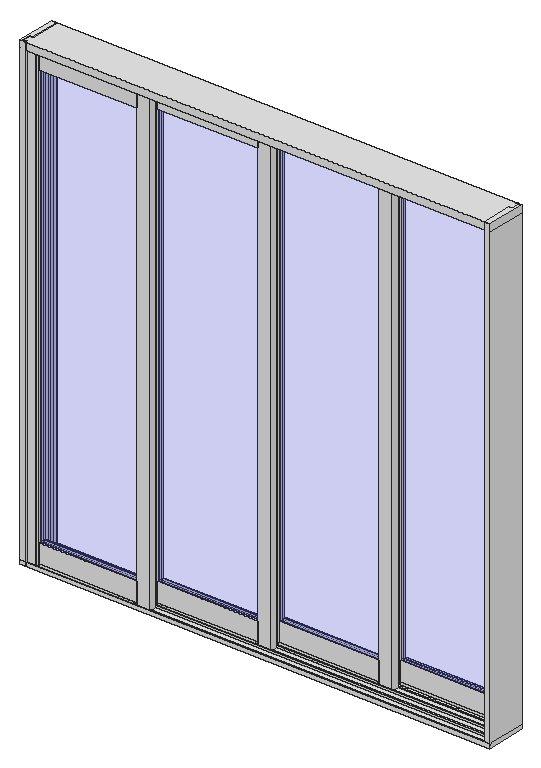
Revit family "Door-Sliding-All_Weather-Series_8100-Single_Parting", category Doors, host Wall, Revit 2026 (continued)
Definition of nested family "Nested-Panel-All_Weather-Series_8100"
  Definition of nested family "Detail-All_Weather-Series_8100_Post_Right"
    Dimensions and locks (in)
      plane 5 "Front" to Masking region 6 sketch curve to Masking region 6 sketch curve to Masking region 6 sketch curve to Masking region 6 sketch curve to Masking region 6 sketch curve to Masking region 6 sketch curve to Masking region 6 sketch curve to Masking region 6 sketch curve to Masking region 6 sketch curve to Masking region 6 sketch curve to Masking region 6 sketch curve to Masking region 6 sketch curve to Masking region 6 sketch curve to Masking region 6 sketch curve to Masking region 6 sketch curve to Masking region 6 sketch curve to Masking region 6 sketch curve to Masking region 6 sketch curve to Masking region 6 sketch curve to Masking region 6 sketch curve to Masking region 6 sketch curve to Masking region 6 sketch curve to Masking region 6 sketch curve to Masking region 6 sketch curve to Masking region 6 sketch curve to Masking region 6 sketch curve to Masking region 6 sketch curve to Masking region 6 sketch curve to Masking region 6 sketch curve to Masking region 6 sketch curve to Masking region 6 sketch curve to Masking region 6 sketch curve to Masking region 6 sketch curve to Masking region 6 sketch curve to Masking region 6 sketch curve to Masking region 6 sketch curve to Masking region 6 sketch curve to Masking region 6 sketch curve to Masking region 6 sketch curve to Masking region 6 sketch curve to Masking region 6 sketch curve to Masking region 6 sketch curve to Masking region 6 sketch curve to Masking region 6 sketch curve to Masking region 6 sketch curve to Masking region 6 sketch curve to Masking region 6 sketch curve to Masking region 6 sketch curve to Masking region 6 sketch curve to Masking region 6 sketch curve to Masking region 6 sketch curve to Masking region 6 sketch curve = 0' - 0.19863" locked, 0' - 0" locked, 0' - 0.02286" locked, 0' - 0" locked, 0' - 0.03029" locked, 0' - 0.0387" locked, 0' - 0.00198" locked, 0' - 0.03646" locked, 0' - 0.05509" locked, 0' - 0.01723" locked, 0' - 0.02601" locked, 0' - 0.00415" locked, 0' - 0.07129" locked, 0' - 0.33521" locked, 0' - 0.07129", 0' - 0.00415", 0' - 0.02601", 0' - 0.01723" locked, 0' - 0.05509", 0' - 0.03646" locked, 0' - 0.00198" locked, 0' - 0.0387", 0' - 0.03029" locked, 0' - 0" locked, 0' - 0.02286" locked, 0' - 0" locked, 0' - 0.08978" locked, 0' - 0" locked, 0' - 0.05126" locked, 0' - 0" locked, 0' - 0.0035" locked, 0' - 0" locked, 0' - 0.01711" locked, 0' - 0" locked, 0' - 0.02155" locked, 0' - 0" locked, 0' - 0.02378" locked, 0' - 0" locked, 0' - 0.01711" locked, 0' - 0" locked, 0' - 0.00354" locked, 0' - 0" locked, 0' - 0.00711" locked, 0' - 0" locked, 0' - 0.00976" locked, 0' - 0" locked, 0' - 0.02545" locked, 0' - 0.01004" locked, 0' - 0" locked, 0' - 0.0507" locked, 0' - 0" locked, 0' - 0.01406" locked
      locked: Masking region 7 sketch curve to plane 6 "Back" at 0.40395
      Masking region 4 sketch curve to plane 5 "Front" to Masking region 4 sketch curve to Masking region 4 sketch curve to Masking region 4 sketch curve to Masking region 4 sketch curve to Masking region 4 sketch curve to Masking region 4 sketch curve to Masking region 4 sketch curve to Masking region 4 sketch curve to Masking region 4 sketch curve to Masking region 4 sketch curve to Masking region 4 sketch curve to Masking region 4 sketch curve to Masking region 4 sketch curve to Masking region 4 sketch curve to Masking region 4 sketch curve to Masking region 4 sketch curve to Masking region 4 sketch curve to Masking region 4 sketch curve to Masking region 4 sketch curve to Masking region 4 sketch curve to Masking region 4 sketch curve to Masking region 4 sketch curve to Masking region 4 sketch curve to Masking region 4 sketch curve to Masking region 4 sketch curve to Masking region 4 sketch curve to Masking region 4 sketch curve to Masking region 4 sketch curve to Masking region 4 sketch curve to Masking region 4 sketch curve to Masking region 4 sketch curve to Masking region 4 sketch curve to Masking region 4 sketch curve to Masking region 4 sketch curve to Masking region 4 sketch curve to Masking region 4 sketch curve to Masking region 4 sketch curve to Masking region 4 sketch curve to Masking region 4 sketch curve to Masking region 4 sketch curve to Masking region 4 sketch curve to Masking region 4 sketch curve to Masking region 4 sketch curve to Masking region 4 sketch curve to Masking region 4 sketch curve to Masking region 4 sketch curve to Masking region 4 sketch curve to Masking region 4 sketch curve to Masking region 4 sketch curve to Masking region 4 sketch curve to Masking region 4 sketch curve to Masking region 4 sketch curve to Masking region 4 sketch curve to Masking region 4 sketch curve to Masking region 4 sketch curve to Masking region 4 sketch curve to Masking region 4 sketch curve to Masking region 4 sketch curve to Masking region 4 sketch curve to Masking region 4 sketch curve to Masking region 4 sketch curve to Masking region 4 sketch curve to Masking region 4 sketch curve to Masking region 4 sketch curve to Masking region 4 sketch curve to Masking region 4 sketch curve to Masking region 4 sketch curve to Masking region 4 sketch curve to Masking region 4 sketch curve to Masking region 4 sketch curve to Masking region 4 sketch curve to Masking region 4 sketch curve to Masking region 4 sketch curve to Masking region 4 sketch curve to Masking region 4 sketch curve to Masking region 4 sketch curve to Masking region 4 sketch curve to Masking region 4 sketch curve to Masking region 4 sketch curve to Masking region 4 sketch curve to Masking region 4 sketch curve to Masking region 4 sketch curve to Masking region 4 sketch curve to Masking region 4 sketch curve = 0' - 0.00008" locked, 0' - 0.0359" locked, 0' - 0.03606" locked, 0' - 0.02743" locked, 0' - 0.05308" locked, 0' - 0", 0' - 0", 0' - 0" locked, 0' - 0" locked, 0' - 0.00188" locked, 0' - 0.012" locked, 0' - 0.02" locked, 0' - 0.00969" locked, 0' - 0" locked, 0' - 0" locked, 0' - 0" locked, 0' - 0.00231" locked, 0' - 0.00072" locked, 0' - 0.09784" locked, 0' - 0.00212" locked, 0' - 0.00415" locked, 0' - 0.02031" locked, 0' - 0.01893" locked, 0' - 0.00682" locked, 0' - 0.07255" locked, 0' - 0.00106" locked, 0' - 0.06668" locked, 0' - 0.01343" locked, 0' - 0.04776" locked, 0' - 0.00237" locked, 0' - 0.29744" locked, 0' - 0.07951" locked, 0' - 0.00941" locked, 0' - 0.00189" locked, 0' - 0.06262" locked, 0' - 0.0062" locked, 0' - 0.00485" locked, 0' - 0.01906" locked, 0' - 0.00687" locked, 0' - 0.0297" locked, 0' - 0.00106" locked, 0' - 0.07024" locked, 0' - 0.00231" locked, 0' - 0.00682" locked, 0' - 0.00189" locked, 0' - 0.03081" locked, 0' - 0.0107" locked, 0' - 0.03551" locked, 0' - 0.0065" locked, 0' - 0.00047" locked, 0' - 0.05479" locked, 0' - 0.00111" locked, 0' - 0.00702" locked, 0' - 0.00231" locked, 0' - 0" locked, 0' - 0" locked, 0' - 0" locked, 0' - 0.00183" locked, 0' - 0.02" locked, 0' - 0.01178" locked, 0' - 0.00995" locked, 0' - 0" locked, 0' - 0" locked, 0' - 0" locked, 0' - 0" locked, 0' - 0.0362" locked, 0' - 0.00013" locked, 0' - 0.02445" locked, 0' - 0.03609" locked, 0' - 0.00581" locked, 0' - 0.00665" locked, 0' - 0.00145" locked, 0' - 0" locked, 0' - 0.03388" locked, 0' - 0" locked, 0' - 0.00044" locked, 0' - 0" locked, 0' - 0.06212" locked, 0' - 0.03727" locked, 0' - 0.08051" locked, 0' - 0.01807" locked, 0' - 0.05352" locked, 0' - 0.00916" locked, 0' - 0.03931" locked, 0' - 0.02354" locked
      Masking region 4 sketch curve to Masking region 4 sketch curve to Masking region 4 sketch curve to Masking region 4 sketch curve to Masking region 4 sketch curve to Masking region 4 sketch curve to Masking region 4 sketch curve to Masking region 4 sketch curve to Masking region 4 sketch curve to Masking region 4 sketch curve to Masking region 4 sketch curve to Masking region 4 sketch curve to Masking region 4 sketch curve to Masking region 4 sketch curve to Masking region 4 sketch curve to Masking region 4 sketch curve to Masking region 4 sketch curve to Masking region 4 sketch curve to Masking region 4 sketch curve to Masking region 4 sketch curve to Masking region 4 sketch curve to Masking region 4 sketch curve to Masking region 4 sketch curve to Masking region 4 sketch curve to Masking region 4 sketch curve to Masking region 4 sketch curve to Masking region 4 sketch curve to Masking region 4 sketch curve to Masking region 4 sketch curve to Masking region 4 sketch curve to Masking region 4 sketch curve to Masking region 4 sketch curve to Masking region 4 sketch curve to Masking region 4 sketch curve to Masking region 4 sketch curve to Masking region 4 sketch curve to Masking region 4 sketch curve to Masking region 4 sketch curve to Masking region 4 sketch curve to Masking region 4 sketch curve to Masking region 4 sketch curve to Masking region 4 sketch curve to Masking region 4 sketch curve to Masking region 4 sketch curve to Masking region 4 sketch curve to Masking region 4 sketch curve to Masking region 4 sketch curve to Masking region 4 sketch curve to Masking region 4 sketch curve to Masking region 4 sketch curve to Masking region 4 sketch curve to Masking region 4 sketch curve to Masking region 4 sketch curve to Masking region 4 sketch curve to Masking region 4 sketch curve to Masking region 4 sketch curve to Masking region 4 sketch curve to Masking region 4 sketch curve to Masking region 4 sketch curve to Masking region 4 sketch curve to Masking region 4 sketch curve to Masking region 4 sketch curve to Masking region 4 sketch curve to Masking region 4 sketch curve to Masking region 4 sketch curve to Masking region 4 sketch curve to Masking region 4 sketch curve to Masking region 4 sketch curve to plane 4 "Top" = 0' - 0.07204" locked, 0' - 0.00747" locked, 0' - 0.27829" locked, 0' - 0" locked, 0' - 0.11803" locked, 0' - 0.03106" locked, 0' - 0.06212" locked, 0' - 0.17425" locked, 0' - 0" locked, 0' - 0" locked, 0' - 0.06701" locked, 0' - 0.0125" locked, 0' - 0.01831" locked, 0' - 0.01065" locked, 0' - 0.00786" locked, 0' - 0.39288" locked, 0' - 0" locked, 0' - 0" locked, 0' - 0" locked, 0' - 0.07517" locked, 0' - 0" locked, 0' - 0.04281" locked, 0' - 0.00122" locked, 0' - 0.0083" locked, 0' - 0" locked, 0' - 0.07255" locked, 0' - 0" locked, 0' - 0.0153" locked, 0' - 0.01001" locked, 0' - 0.02064" locked, 0' - 0.02396" locked, 0' - 0.02985" locked, 0' - 0.0027" locked, 0' - 0.00677" locked, 0' - 0.00434" locked, 0' - 0.00783" locked, 0' - 0.01064" locked, 0' - 0.0268" locked, 0' - 0.003" locked, 0' - 0.07718" locked, 0' - 0.00069" locked, 0' - 0" locked, 0' - 0.00434" locked, 0' - 0.06818" locked, 0' - 0.00262" locked, 0' - 0.00122" locked, 0' - 0.02738" locked, 0' - 0.01476" locked, 0' - 0.00312" locked, 0' - 0.00467" locked, 0' - 0.1976" locked, 0' - 0.06328" locked, 0' - 0.0339" locked, 0' - 0.0601" locked, 0' - 0.0339" locked, 0' - 0.0601" locked, 0' - 0.0339" locked, 0' - 0.0601" locked, 0' - 0.02645" locked, 0' - 0.00744" locked, 0' - 0.0601" locked, 0' - 0.0339" locked, 0' - 0.00226" locked, 0' - 0.04456" locked, 0' - 0.02" locked, 0' - 0.01987" locked, 0' - 0" locked, 0' - 0.04124" locked
      Masking region 9 sketch curve to Masking region 9 sketch curve to plane 4 "Top" to Masking region 9 sketch curve to Masking region 9 sketch curve to Masking region 9 sketch curve to Masking region 9 sketch curve = 0' - 0.00025" locked, 0' - 0.075" locked, 0' - 0.06111" locked, 0' - 0" locked, 0' - 0.62125" locked, 0' - 0.10216" locked
      plane 5 "Front" to Masking region 9 sketch curve to Masking region 9 sketch curve to Masking region 9 sketch curve to Masking region 9 sketch curve to Masking region 9 sketch curve to Masking region 9 sketch curve = 0' - 0.11224" locked, 0' - 0.04023" locked, 0' - 0.09593" locked, 0' - 0.99987" locked, 0' - 0.09748" locked, 0' - 0.03893" locked
      plane 1 "Center (Front/Back)" to Masking region 8 sketch curve to Masking region 8 sketch curve to Masking region 8 sketch curve to Masking region 8 sketch curve to Masking region 8 sketch curve to Masking region 8 sketch curve to Masking region 8 sketch curve to Masking region 8 sketch curve to Masking region 8 sketch curve to Masking region 8 sketch curve = 0' - 0.01988" locked, 0' - 0.05963" locked, 0' - 0.03713" locked, 0' - 0.03052" locked, 0' - 0.04224" locked, 0' - 0.12424" locked, 0' - 0.04224" locked, 0' - 0.02674" locked, 0' - 0.01799" locked, 0' - 0.10244" locked
      Masking region 8 sketch curve to Masking region 8 sketch curve to Masking region 8 sketch curve to Masking region 8 sketch curve to Masking region 8 sketch curve to Masking region 8 sketch curve to Masking region 8 sketch curve to Masking region 8 sketch curve to Masking region 8 sketch curve to Masking region 8 sketch curve to plane 6 "Back" = 0' - 0.0497" locked, 0' - 0.14014" locked, 0' - 0.03313" locked, 0' - 0.02651" locked, 0' - 0" locked, 0' - 0.01733" locked, 0' - 0" locked, 0' - 0.03568" locked, 0' - 0" locked, 0' - 0.0973" locked
      Masking region 10 sketch curve to Masking region 10 sketch curve to Masking region 10 sketch curve to plane 6 "Back" to Masking region 10 sketch curve = 0' - 0 1/32" locked, 0' - 0" locked, 0' - 0.14555" locked, 0' - 0.11615" locked
      Masking region 10 sketch curve to Masking region 10 sketch curve to Masking region 10 sketch curve to Masking region 10 sketch curve to plane 1 "Center (Front/Back)" = 0' - 0.05344" locked, 0' - 0 5/64" locked, 0' - 0.05344" locked, 0' - 0.15902" locked
      Masking region 11 sketch curve to Masking region 11 sketch curve to Masking region 11 sketch curve to Masking region 11 sketch curve to plane 6 "Back" = 0' - 0 1/32" locked, 0' - 0" locked, 0' - 0 43/256" locked, 0' - 0.28487" locked
      plane 4 "Top" to Masking region 11 sketch curve to Masking region 11 sketch curve to Masking region 11 sketch curve to Masking region 11 sketch curve = 0' - 0.13731" locked, 0' - 0.05344" locked, 0' - 0 5/64" locked, 0' - 0.05344" locked
      aligned and locked: Masking region 7 sketch curve to plane 4 "Top"
      aligned and locked: Masking region 7 sketch curve to plane 5 "Front"
      aligned and locked: Masking region 7 sketch curve to plane 1 "Center (Front/Back)"
    Automatic sketch dimensions
      Masking region 6 sketch curve to plane 7 "Glass Front" = 0' - 0.04445"
      Masking region 6 sketch curve to Masking region 6 sketch curve = 0' - 0.0008"  (x2)
      Masking region 6 sketch curve to Masking region 6 sketch curve = 0' - 0.00106"
      Masking region 6 sketch curve to Masking region 6 sketch curve = 0' - 0.0315"  (x2)
      Masking region 6 sketch curve to Masking region 6 sketch curve = 0' - 0.01575"  (x2)
      Masking region 6 sketch curve to Masking region 6 sketch curve = 0' - 0.03937"
      Masking region 6 sketch curve to Masking region 6 sketch curve = 0' - 0"  (x8)
      Masking region 8 sketch curve to Masking region 8 sketch curve = 0' - 0.02485"
      Masking region 8 sketch curve to Masking region 8 sketch curve = 0' - 0.0001"
      Masking region 8 sketch curve to Masking region 8 sketch curve = 0' - 0.00013"
      Masking region 4 sketch curve to Masking region 4 sketch curve = 0' - 0.02205"
      Masking region 4 sketch curve to Masking region 4 sketch curve = 0' - 0.0677"
      Masking region 4 sketch curve to Masking region 4 sketch curve = 0' - 0.02745"
      Masking region 4 sketch curve to Masking region 4 sketch curve = 0' - 0.01787"
      Masking region 4 sketch curve to Masking region 4 sketch curve = 0' - 0.04969"
      Masking region 4 sketch curve to Masking region 4 sketch curve = 0' - 0.03205"
      Masking region 4 sketch curve to Masking region 4 sketch curve = 0' - 0.01947"
      plane 3 "Glass Intersection" to Masking region 4 sketch curve = 0' - 0.0697"
      Masking region 4 sketch curve to Masking region 4 sketch curve = 0' - 0.06328"
      Masking region 4 sketch curve to Masking region 4 sketch curve = 0' - 0.0339"  (x4)
      Masking region 4 sketch curve to Masking region 4 sketch curve = 0' - 0.0601"  (x4)
      Masking region 4 sketch curve to Masking region 4 sketch curve = 0' - 0.01001"
      Masking region 4 sketch curve to Masking region 4 sketch curve = 0' - 0.05"
      Masking region 4 sketch curve to Masking region 4 sketch curve = 0' - 0.12"
      Masking region 4 sketch curve to Masking region 4 sketch curve = 0' - 0.00117"
      Masking region 4 sketch curve to Masking region 4 sketch curve = 0' - 0.03114"
      Masking region 4 sketch curve to Masking region 4 sketch curve = 0' - 0.01087"
      Masking region 4 sketch curve to Masking region 4 sketch curve = 0' - 0.04957"
      Masking region 4 sketch curve to plane 4 "Top" = 0' - 0.03444"
      Masking region 4 sketch curve to Masking region 4 sketch curve = 0' - 0 1/256"
      Masking region 4 sketch curve to Masking region 4 sketch curve = 0' - 0"  (x2)
      Masking region 11 sketch curve to Masking region 11 sketch curve = 0' - 0.00916"
      Masking region 11 sketch curve to Masking region 11 sketch curve = 0' - 0.09645"
      Masking region 10 sketch curve to plane 1 "Center (Front/Back)" = 0' - 0.19819"
      Masking region 10 sketch curve to Masking region 10 sketch curve = 0' - 0.10668"
  Definition of nested family "Detail-All_Weather-Series_8100_Door_Header"
    Parameters (values of type "Jamb")
      URL = "https://www.allweatheraa.com/"
      Type Comments = "5 in Thermal Strut Sliding Glass Door"  # constant formula
      Thickness = 0' - 1 1/2"
      Specification = ""
      Profile Offset = 0' - 1 9/256"  # constant formula
      Product Page URL = "https://www.allweatheraa.com/doors/series-8100-sliding-doors/"
      Product Name = "Series 8100"  # constant formula
      Product Documentation Link = "https://www.allweatheraa.com/download/4291/"
      Nail Fin Offset = 0' - 1 33/128"  # constant formula
      Jamb = no
      Header = not(Jamb)  # yes
      Model = "Sliding Door"  # constant formula
      Manufacturer = "All Weather Architectural Aluminum"  # constant formula
      Height = 0' - 3 23/128"  # constant formula
      Glass Thickness = 0' - 1"  # constant formula
      Glass = no
      Description = "Jamb"
      Assembly Code = "B2020100"
    Types (2): name | Description
      Jamb | "Jamb"
      Header | "Header"
    Reference planes (in)
      plane 1 "Center (Front/Back)": y = -0.67969
      plane 2: z = 0
      plane 3 "Glass Intersection": y = 1.839
      plane 4 "Top": y = 2.5
      plane 5 "Front": x = -1.41797
      plane 6 "Back": x = 0.08205
      plane 7 "Glass Front": x = -1.16804
      plane 8 "Glass Back": x = -0.16804
    Lines and regions (in)
      Masking region 1, in view "Ref. Level", visible <- "Glass", detail levels medium+fine
        outline origin (0.32906, -0.0985, 0) x (1, 0, 0) y (0, 1, 0)
          loop
            line (-1.49711, 3.0985) -> (-1.49711, 1.9375) -> (-1.31827, 1.9375) -> (-1.31827, 3.0985) -> (-1.49711, 3.0985)
          loop
            line (-0.49711, 3.0985) -> (-0.67595, 3.0985) -> (-0.67595, 1.9375) -> (-0.49711, 1.9375) -> (-0.49711, 3.0985)
      Masking region 2, in view "Ref. Level", detail levels fine
        outline origin (0.32906, -0.0985, 0) x (1, 0, 0) y (0, 1, 0)
          loop
            line (-1.31827, 1.95572) -> (-0.67427, 1.95572) -> (-0.67427, 2.1811) -> (-0.70632, 2.1811) -> (-0.70632, 1.9861) -> (-1.28621, 1.9861) -> (-1.28621, 2.1811) -> (-1.31827, 2.1811) -> (-1.31827, 1.95572)
      Masking region 3, in view "Ref. Level", detail levels medium+fine
        outline origin (0.32906, -0.0985, 0) x (1, 0, 0) y (0, 1, 0)
          loop
            line (-1.28621, 2.2971) -> (-1.28621, 1.9861) -> (-0.70632, 1.9861) -> (-0.70632, 2.2971) -> (-1.28621, 2.2971)
          loop
            line (-0.72032, 2.2831) -> (-1.27221, 2.2831) -> (-1.27221, 2.0001) -> (-0.72032, 2.0001) -> (-0.72032, 2.2831)
      Masking region 4, in view "Ref. Level", detail levels medium+fine
        outline origin (-0.99381, 0, 0) x (1, 0, 0) y (0, 1, 0)
          loop
            arc (-0.42416, -0.6197) -> (-0.40541, -0.6629) -> (-0.36157, -0.67969) r 0.06002
            arc (-0.36157, -0.67969) -> (-0.33965, -0.67061) -> (-0.33016, -0.64868) r 0.03101
            line (-0.33016, -0.64868) -> (-0.33016, -0.42982) -> (-0.19159, -0.43487) -> (-0.22118, -0.30581) -> (-0.3021, -0.37372) -> (-0.3021, -0.15701) -> (-0.20502, -0.22107) -> (-0.20502, -0.09816) -> (0.00044, -0.09816) -> (0.00044, 0.29277) -> (0.15762, 0.29277) -> (0.15762, -0.09816) -> (0.22215, -0.09816) -> (0.22215, 0.37229) -> (-0.00148, 0.37229) -> (-0.00148, 1.09215)
            arc (-0.00148, 1.09215) -> (0.0073, 1.11369) -> (0.02863, 1.12296) r 0.03081
            arc (0.02863, 1.12296) -> (0.16708, 1.21722) -> (0.13768, 1.38212) r 0.15405
            arc (0.13768, 1.38212) -> (0.08851, 1.3838) -> (0.08683, 1.33463) r 0.03479
            arc (0.08683, 1.33463) -> (0.02509, 1.19249) -> (-0.03666, 1.33463) r 0.08448
            arc (-0.03666, 1.33463) -> (-0.03771, 1.3832) -> (-0.08628, 1.38336) r 0.03479
            line (-0.08628, 1.38336) -> (-0.20382, 1.38336) -> (-0.20382, 1.50215) -> (-0.3021, 1.44541) -> (-0.3021, 1.65377) -> (-0.22168, 1.59121) -> (-0.14241, 1.71382) -> (-0.33016, 1.70687) -> (-0.33016, 1.924) -> (-0.2205, 1.924) -> (-0.27216, 1.99) -> (-0.27216, 2.02119) -> (-0.223, 2.02119) -> (-0.27216, 2.084) -> (-0.27216, 2.11519) -> (-0.223, 2.11519) -> (-0.27216, 2.178) -> (-0.27216, 2.20919) -> (-0.223, 2.20919) -> (-0.27216, 2.272) -> (-0.27216, 2.30319) -> (-0.223, 2.30319) -> (-0.27216, 2.366) -> (-0.27216, 2.39719) -> (-0.23616, 2.39719) -> (-0.23616, 2.464) -> (-0.35698, 2.464) -> (-0.38816, 2.482)
            arc (-0.38816, 2.482) -> (-0.40616, 2.5) -> (-0.42416, 2.482) r 0.018
            line (-0.42416, 2.482) -> (-0.42416, 1.83943) -> (-0.42416, -0.6197)
          loop
            line (0.84382, 1.38336) -> (0.72628, 1.38336)
            arc (0.72628, 1.38336) -> (0.6777, 1.3832) -> (0.67665, 1.33463) r 0.03479
            arc (0.67665, 1.33463) -> (0.61491, 1.19249) -> (0.55316, 1.33463) r 0.08448
            arc (0.55316, 1.33463) -> (0.55148, 1.3838) -> (0.50232, 1.38212) r 0.03479
            arc (0.50232, 1.38212) -> (0.47291, 1.21722) -> (0.61137, 1.12296) r 0.15405
            arc (0.61137, 1.12296) -> (0.6327, 1.11369) -> (0.64147, 1.09215) r 0.03081
            line (0.64147, 1.09215) -> (0.64147, 0.37229) -> (0.41784, 0.37229) -> (0.41784, -0.09816) -> (0.48238, -0.09816) -> (0.48238, 0.29277) -> (0.63955, 0.29277) -> (0.63955, -0.09816) -> (0.84501, -0.09816) -> (0.84501, -0.22369) -> (0.94283, -0.15602) -> (0.94283, -0.3743) -> (0.86361, -0.31259) -> (0.83257, -0.43526) -> (0.98187, -0.42982) -> (0.98228, -0.64868)
            arc (0.98228, -0.64868) -> (0.99136, -0.67061) -> (1.01329, -0.67969) r 0.03101
            arc (1.01329, -0.67969) -> (1.05712, -0.6629) -> (1.07587, -0.6197) r 0.06002
            line (1.07587, -0.6197) -> (1.07587, 1.83943) -> (1.07587, 2.482)
            arc (1.07587, 2.482) -> (1.05787, 2.5) -> (1.03987, 2.482) r 0.018
            line (1.03987, 2.482) -> (1.00869, 2.464) -> (0.87689, 2.464) -> (0.87689, 2.39719) -> (0.91289, 2.39719) -> (0.91289, 2.366) -> (0.86374, 2.30319) -> (0.91289, 2.30319) -> (0.91289, 2.272) -> (0.86374, 2.20919) -> (0.91289, 2.20919) -> (0.91289, 2.178) -> (0.86374, 2.11519) -> (0.91289, 2.11519) -> (0.91289, 2.084) -> (0.86374, 2.02119) -> (0.91289, 2.02119) -> (0.91289, 1.99) -> (0.85423, 1.924) -> (0.98187, 1.924) -> (0.98187, 1.70687) -> (0.79413, 1.71382) -> (0.86242, 1.59121) -> (0.94283, 1.65377) -> (0.94283, 1.44541) -> (0.83755, 1.50215) -> (0.83755, 1.38336)
      Masking region 5, in view "Ref. Level", detail levels fine
        outline origin (-0.99381, 0.00977, 0) x (1, 0, 0) y (0, 1, 0)
          loop
            arc (-0.17289, 1.57958) -> (-0.19836, 1.58294) -> (-0.2221, 1.59277) r 0.09843
            line (-0.2221, 1.59277) -> (-0.3021, 1.63895) -> (-0.3021, 1.44557) -> (-0.20642, 1.50081)
            arc (-0.20642, 1.50081) -> (-0.19002, 1.50511) -> (-0.17312, 1.50656) r 0.0993
            line (-0.17312, 1.50656) -> (0.82484, 1.50656)
            arc (0.82484, 1.50656) -> (0.84173, 1.50511) -> (0.85814, 1.50081) r 0.0993
            line (0.85814, 1.50081) -> (0.95381, 1.44557) -> (0.95381, 1.63895) -> (0.87382, 1.59277)
            arc (0.87382, 1.59277) -> (0.85008, 1.58294) -> (0.8246, 1.57958) r 0.09843
            line (0.8246, 1.57958) -> (-0.17289, 1.57958)
      Masking region 6, in view "Ref. Level", detail levels fine
        outline origin (-0.99381, -1.80207, 0) x (1, 0, 0) y (0, 1, 0)
          loop
            arc (-0.17289, 1.57958) -> (-0.19836, 1.58294) -> (-0.2221, 1.59277) r 0.09843
            line (-0.2221, 1.59277) -> (-0.3021, 1.63895) -> (-0.3021, 1.44557) -> (-0.20642, 1.50081)
            arc (-0.20642, 1.50081) -> (-0.19002, 1.50511) -> (-0.17312, 1.50656) r 0.0993
            line (-0.17312, 1.50656) -> (0.82484, 1.50656)
            arc (0.82484, 1.50656) -> (0.84173, 1.50511) -> (0.85814, 1.50081) r 0.0993
            line (0.85814, 1.50081) -> (0.95381, 1.44557) -> (0.95381, 1.63895) -> (0.87382, 1.59277)
            arc (0.87382, 1.59277) -> (0.85008, 1.58294) -> (0.8246, 1.57958) r 0.09843
            line (0.8246, 1.57958) -> (-0.17289, 1.57958)
      Masking region 7, in view "Ref. Level", detail levels coarse
        outline origin (0, 0, 0) x (1, 0, 0) y (0, 1, 0)
          loop
            line (-1.41797, -0.67969) -> (0.08205, -0.67969) -> (0.08205, 2.5) -> (-1.41797, 2.5) -> (-1.41797, -0.67969)
      Masking region 8, in view "Ref. Level", detail levels fine
        outline origin (-1.2501, 0.02511, 0) x (1, 0, 0) y (0, 1, 0)
          loop
            line (-0.05572, 2.41906) -> (-0.01362, 2.41906) -> (-0.01362, 1.67368) -> (1.16783, 1.67368) -> (1.16783, 2.41982) -> (1.21484, 2.41982)
            arc (1.21484, 2.41982) -> (1.18014, 2.52328) -> (1.0803, 2.56736) r 0.13511
            line (1.0803, 2.56736) -> (1.0803, 1.79782) -> (0.08044, 1.79782) -> (0.08044, 2.56749)
            arc (0.08044, 2.56749) -> (-0.02027, 2.52321) -> (-0.05572, 2.41906) r 0.13667
      Masking region 9, in view "Ref. Level", detail levels fine
        outline origin (0, 0, 0) x (1, 0, 0) y (0, 1, 0)
          loop
            line (-1.05741, 1.13592) -> (-1.15349, 1.31379) -> (-1.26856, 1.31379) -> (-1.26856, 1.38336) -> (-1.3484, 1.38336) -> (-1.3484, -0.09816) -> (-1.27849, -0.09816) -> (-1.27849, -0.01864) -> (-1.05741, -0.01864) -> (-1.05741, 1.13592)
          loop
            line (-0.29022, 1.13592) -> (-0.29022, -0.01864) -> (-0.06914, -0.01864) -> (-0.06914, -0.09816) -> (0.00076, -0.09816) -> (0.00076, 1.38336) -> (-0.07908, 1.38336) -> (-0.07908, 1.31379) -> (-0.19414, 1.31379) -> (-0.29022, 1.13592)
      detail lines, in view "Ref. Level", visible <- "Jamb", detail levels fine
        curve 1: line (0.16349, 1.38083, 0) -> (0.08205, 1.38083, 0)
        curve 2: arc (0.2013, 1.31314, 0) -> (0.19121, 1.35191, 0) -> (0.16349, 1.38083, 0) r 0.07948
        curve 3: arc (0.16348, -0.01068, 0) -> (0.19166, 0.01904, 0) -> (0.2013, 0.05885, 0) r 0.07951
        curve 4: line (0.2013, 1.31314, 0) -> (0.2013, 0.05885, 0)
        curve 5: line (0.08205, -0.01068, 0) -> (0.16348, -0.01068, 0)
        curve 6: line (0.08205, 0.08871, 0) -> (0.08205, -0.01068, 0)
        curve 7: line (-0.9267, 0.23048, 0) -> (0.08205, 0.08871, 0)
        curve 8: arc (-1.14044, 0.47651, 0) -> (-1.07954, 0.31356, 0) -> (-0.9267, 0.23048, 0) r 0.24847
        curve 9: arc (-0.9267, 1.13962, 0) -> (-1.07954, 1.05654, 0) -> (-1.14044, 0.89358, 0) r 0.24847
        curve 10: line (0.08205, 1.28139, 0) -> (-0.9267, 1.13962, 0)
        curve 11: line (0.08205, 1.38083, 0) -> (0.08205, 1.28139, 0)
        curve 12: line (-1.14044, 0.89358, 0) -> (-1.14044, 0.47651, 0)
        curve 13: line (-1.4994, 1.38083, 0) -> (-1.41797, 1.38083, 0)
        curve 14: arc (-1.53722, 1.31314, 0) -> (-1.52712, 1.35191, 0) -> (-1.4994, 1.38083, 0) r 0.07948
        curve 15: arc (-1.49939, -0.01068, 0) -> (-1.52757, 0.01904, 0) -> (-1.53722, 0.05885, 0) r 0.07951
        curve 16: line (-1.53722, 1.31314, 0) -> (-1.53722, 0.05885, 0)
        curve 17: line (-1.41797, -0.01068, 0) -> (-1.49939, -0.01068, 0)
        curve 18: line (-1.41797, 0.08871, 0) -> (-1.41797, -0.01068, 0)
        curve 19: line (-0.40922, 0.23048, 0) -> (-1.41797, 0.08871, 0)
        curve 20: arc (-0.19547, 0.47651, 0) -> (-0.25637, 0.31356, 0) -> (-0.40922, 0.23048, 0) r 0.24847
        curve 21: arc (-0.40922, 1.13962, 0) -> (-0.25637, 1.05654, 0) -> (-0.19547, 0.89358, 0) r 0.24847
        curve 22: line (-1.41797, 1.28139, 0) -> (-0.40922, 1.13962, 0)
        curve 23: line (-1.41797, 1.38083, 0) -> (-1.41797, 1.28139, 0)
        curve 24: line (-0.19547, 0.89358, 0) -> (-0.19547, 0.47651, 0)
        curve 25: line (-1.24898, 0.78851, 0) -> (-0.22527, 0.78851, 0)
        curve 26: line (-1.24898, 0.55982, 0) -> (-1.24898, 0.78851, 0)
        curve 27: line (-0.22527, 0.55982, 0) -> (-1.24898, 0.55982, 0)
        curve 28: line (-0.22527, 0.78851, 0) -> (-0.22527, 0.55982, 0)
        curve 29: line (-0.97842, -0.29551, 0) -> (-0.43843, -0.29551, 0)
        curve 30: line (-0.97842, 1.07403, 0) -> (-0.97842, -0.29551, 0)
        curve 31: line (-0.43843, 1.07403, 0) -> (-0.97842, 1.07403, 0)
        curve 32: line (-0.43843, -0.29551, 0) -> (-0.43843, 1.07403, 0)
    Dimensions and locks (in)
      plane 4 "Top" to plane 3 "Glass Intersection" = 0' - 0.661"  (x2)
      plane 5 "Front" to plane 6 "Back" = 0' - 1.50002"
      plane 5 "Front" to plane 7 "Glass Front" = 0' - 0.24993"
      "Glass Thickness": plane 7 "Glass Front" to plane 8 "Glass Back"
      Masking region 3 sketch curve to Masking region 3 sketch curve to Masking region 3 sketch curve to Masking region 3 sketch curve to plane 4 "Top" = 0' - 0.014" locked, 0' - 0.283" locked, 0' - 0.014" locked, 0' - 0.3014" locked
      plane 7 "Glass Front" to Masking region 3 sketch curve to Masking region 3 sketch curve to Masking region 3 sketch curve to Masking region 3 sketch curve = 0' - 0.2109" locked, 0' - 0.014" locked, 0' - 0.55189" locked, 0' - 0.014" locked
      plane 7 "Glass Front" to Masking region 2 sketch curve to Masking region 2 sketch curve to Masking region 2 sketch curve to Masking region 2 sketch curve = 0' - 0.17884" locked, 0' - 0.03206" locked, 0' - 0.57989" locked, 0' - 0.03206" locked
      plane 4 "Top" to Masking region 2 sketch curve to Masking region 2 sketch curve to Masking region 2 sketch curve to Masking region 2 sketch curve = 0' - 0.4174" locked, 0' - 0" locked, 0' - 0.195" locked, 0' - 0.03038" locked
      plane 7 "Glass Front" to Masking region 1 sketch curve to Masking region 1 sketch curve to Masking region 1 sketch curve to Masking region 1 sketch curve = 0' - 0" locked, 0' - 0.17884" locked, 0' - 0.64232" locked, 0' - 0.17884" locked
      Masking region 1 sketch curve to Masking region 1 sketch curve to plane 4 "Top" to Masking region 1 sketch curve to Masking region 1 sketch curve = 0' - 0" locked, 0' - 0 1/2" locked, 0' - 0.661" locked, 0' - 0" locked
      plane 1 "Center (Front/Back)" to plane 4 "Top" = 0' - 3 23/128"
      "Height": plane 4 "Top" to plane 1 "Center (Front/Back)"
      plane 4 "Top" to Masking region 4 sketch curve to Masking region 4 sketch curve to Masking region 4 sketch curve to Masking region 4 sketch curve to Masking region 4 sketch curve to Masking region 4 sketch curve to Masking region 4 sketch curve to Masking region 4 sketch curve to Masking region 4 sketch curve to Masking region 4 sketch curve to Masking region 4 sketch curve to Masking region 4 sketch curve to Masking region 4 sketch curve to Masking region 4 sketch curve to Masking region 4 sketch curve to Masking region 4 sketch curve to Masking region 4 sketch curve to Masking region 4 sketch curve to Masking region 4 sketch curve to Masking region 4 sketch curve to Masking region 4 sketch curve to Masking region 4 sketch curve to Masking region 4 sketch curve to Masking region 4 sketch curve to Masking region 4 sketch curve to Masking region 4 sketch curve to Masking region 4 sketch curve to Masking region 4 sketch curve to Masking region 4 sketch curve to Masking region 4 sketch curve to Masking region 4 sketch curve to Masking region 4 sketch curve to Masking region 4 sketch curve to Masking region 4 sketch curve to Masking region 4 sketch curve to Masking region 4 sketch curve to Masking region 4 sketch curve to Masking region 4 sketch curve to Masking region 4 sketch curve to Masking region 4 sketch curve to Masking region 4 sketch curve to Masking region 4 sketch curve to Masking region 4 sketch curve to Masking region 4 sketch curve to Masking region 4 sketch curve to Masking region 4 sketch curve to Masking region 4 sketch curve to Masking region 4 sketch curve to Masking region 4 sketch curve to Masking region 4 sketch curve to Masking region 4 sketch curve to Masking region 4 sketch curve to Masking region 4 sketch curve to Masking region 4 sketch curve to Masking region 4 sketch curve to Masking region 4 sketch curve to Masking region 4 sketch curve to Masking region 4 sketch curve to Masking region 4 sketch curve to Masking region 4 sketch curve to Masking region 4 sketch curve to Masking region 4 sketch curve to Masking region 4 sketch curve to Masking region 4 sketch curve to Masking region 4 sketch curve to Masking region 4 sketch curve to Masking region 4 sketch curve to Masking region 4 sketch curve to Masking region 4 sketch curve to Masking region 4 sketch curve = 0' - 0" locked, 0' - 0" locked, 0' - 0.018" locked, 0' - 0.018" locked, 0' - 0" locked, 0' - 0.06681" locked, 0' - 0" locked, 0' - 0.03119" locked, 0' - 0" locked, 0' - 0.06281" locked, 0' - 0" locked, 0' - 0.03119" locked, 0' - 0" locked, 0' - 0.06281" locked, 0' - 0" locked, 0' - 0.03119" locked, 0' - 0" locked, 0' - 0.06281" locked, 0' - 0" locked, 0' - 0.03119" locked, 0' - 0.06281" locked, 0' - 0.03119" locked, 0' - 0" locked, 0' - 0.066" locked, 0' - 0" locked, 0' - 0.21018" locked, 0' - 0" locked, 0' - 0.00695" locked, 0' - 0" locked, 0' - 0.0531" locked, 0' - 0" locked, 0' - 0.06256" locked, 0' - 0" locked, 0' - 0.08906" locked, 0' - 0" locked, 0' - 0.05674" locked, 0' - 0" locked, 0' - 0.05225" locked, 0' - 0" locked, 0' - 0" locked, 0' - 0" locked, 0' - 0.0098" locked, 0' - 0" locked, 0' - 0.19087" locked, 0' - 0" locked, 0' - 0.06957" locked, 0' - 0.03076" locked, 0' - 0.71987" locked, 0' - 0" locked, 0' - 0.07951" locked, 0' - 0" locked, 0' - 0.39093" locked, 0' - 0" locked, 0' - 0" locked, 0' - 0" locked, 0' - 0.05787" locked, 0' - 0.00098" locked, 0' - 0.06406" locked, 0' - 0.08474" locked, 0' - 0.00678" locked, 0' - 0.06171" locked, 0' - 0.05552" locked, 0' - 0" locked, 0' - 0.00505" locked, 0' - 0.00039" locked, 0' - 0.18445" locked, 0' - 0" locked, 0' - 0.02898" locked, 0' - 0.03101" locked, 0' - 0" locked
      plane 5 "Front" to Masking region 4 sketch curve to Masking region 4 sketch curve to Masking region 4 sketch curve to Masking region 4 sketch curve to Masking region 4 sketch curve to Masking region 4 sketch curve to Masking region 4 sketch curve to Masking region 4 sketch curve to Masking region 4 sketch curve to Masking region 4 sketch curve to Masking region 4 sketch curve to Masking region 4 sketch curve to Masking region 4 sketch curve to Masking region 4 sketch curve to Masking region 4 sketch curve to Masking region 4 sketch curve to Masking region 4 sketch curve to Masking region 4 sketch curve to Masking region 4 sketch curve to Masking region 4 sketch curve to Masking region 4 sketch curve to Masking region 4 sketch curve to Masking region 4 sketch curve to Masking region 4 sketch curve to Masking region 4 sketch curve to Masking region 4 sketch curve to Masking region 4 sketch curve to Masking region 4 sketch curve to Masking region 4 sketch curve to Masking region 4 sketch curve to Masking region 4 sketch curve to Masking region 4 sketch curve to Masking region 4 sketch curve to Masking region 4 sketch curve to Masking region 4 sketch curve to Masking region 4 sketch curve to Masking region 4 sketch curve to Masking region 4 sketch curve to Masking region 4 sketch curve to Masking region 4 sketch curve to Masking region 4 sketch curve to Masking region 4 sketch curve to Masking region 4 sketch curve to Masking region 4 sketch curve to Masking region 4 sketch curve to Masking region 4 sketch curve to Masking region 4 sketch curve to Masking region 4 sketch curve to Masking region 4 sketch curve to Masking region 4 sketch curve to Masking region 4 sketch curve to Masking region 4 sketch curve to Masking region 4 sketch curve to Masking region 4 sketch curve to Masking region 4 sketch curve to Masking region 4 sketch curve to Masking region 4 sketch curve to Masking region 4 sketch curve to Masking region 4 sketch curve to Masking region 4 sketch curve to Masking region 4 sketch curve to Masking region 4 sketch curve to Masking region 4 sketch curve to Masking region 4 sketch curve to Masking region 4 sketch curve to Masking region 4 sketch curve to Masking region 4 sketch curve to Masking region 4 sketch curve to Masking region 4 sketch curve to Masking region 4 sketch curve to Masking region 4 sketch curve = 0' - 0" locked, 0' - 0" locked, 0' - 0.036" locked, 0' - 0.02658" locked, 0' - 0.0046" locked, 0' - 0.02682" locked, 0' - 0" locked, 0' - 0.02806" locked, 0' - 0" locked, 0' - 0" locked, 0' - 0.02994" locked, 0' - 0" locked, 0' - 0" locked, 0' - 0" locked, 0' - 0" locked, 0' - 0.036" locked, 0' - 0.01315" locked, 0' - 0" locked, 0' - 0" locked, 0' - 0" locked, 0' - 0.00132" locked, 0' - 0.0005" locked, 0' - 0.00068" locked, 0' - 0.01549" locked, 0' - 0.00119" locked, 0' - 0.01224" locked, 0' - 0.04917" locked, 0' - 0.05613" locked, 0' - 0.05899" locked, 0' - 0.02582" locked, 0' - 0.00192" locked, 0' - 0.07703" locked, 0' - 0.0321" locked, 0' - 0.04805" locked, 0' - 0.02152" locked, 0' - 0.04301" locked, 0' - 0.19569" locked, 0' - 0.04301" locked, 0' - 0.02152" locked, 0' - 0.04805" locked, 0' - 0.0321" locked, 0' - 0.07703" locked, 0' - 0.00192" locked, 0' - 0.02582" locked, 0' - 0.12684" locked, 0' - 0.03845" locked, 0' - 0.00497" locked, 0' - 0.00746" locked, 0' - 0" locked, 0' - 0.00922" locked, 0' - 0.00819" locked, 0' - 0.00119" locked, 0' - 0.00013" locked, 0' - 0" locked, 0' - 0" locked, 0' - 0" locked, 0' - 0.01315" locked, 0' - 0.036" locked, 0' - 0" locked, 0' - 0" locked, 0' - 0" locked, 0' - 0" locked, 0' - 0.02994" locked, 0' - 0" locked, 0' - 0" locked, 0' - 0.03903" locked, 0' - 0" locked, 0' - 0.02682" locked, 0' - 0.0046" locked, 0' - 0.02658" locked, 0' - 0.036" locked
      plane 5 "Front" to Masking region 5 sketch curve to Masking region 5 sketch curve to Masking region 5 sketch curve to Masking region 5 sketch curve to Masking region 5 sketch curve to Masking region 5 sketch curve to Masking region 5 sketch curve to Masking region 5 sketch curve to Masking region 5 sketch curve to Masking region 5 sketch curve = 0' - 0.12206" locked, 0' - 0.07999" locked, 0' - 0.01568" locked, 0' - 0.0333" locked, 0' - 0.00023" locked, 0' - 0.99749" locked, 0' - 0.00023" locked, 0' - 0.0333" locked, 0' - 0.01568" locked, 0' - 0.07999" locked
      plane 4 "Top" to Masking region 5 sketch curve to Masking region 5 sketch curve to Masking region 5 sketch curve to Masking region 5 sketch curve to Masking region 5 sketch curve to Masking region 5 sketch curve to Masking region 5 sketch curve to Masking region 5 sketch curve to Masking region 5 sketch curve to Masking region 5 sketch curve = 0' - 0.85128" locked, 0' - 0" locked, 0' - 0.04618" locked, 0' - 0" locked, 0' - 0.01319" locked, 0' - 0.07302" locked, 0' - 0.00575" locked, 0' - 0" locked, 0' - 0.05524" locked, 0' - 0" locked
      plane 5 "Front" to Masking region 6 sketch curve to Masking region 6 sketch curve to Masking region 6 sketch curve to Masking region 6 sketch curve to Masking region 6 sketch curve to Masking region 6 sketch curve to Masking region 6 sketch curve to Masking region 6 sketch curve to Masking region 6 sketch curve to Masking region 6 sketch curve = 0' - 0.12206" locked, 0' - 0.07999" locked, 0' - 0.01568" locked, 0' - 0.0333" locked, 0' - 0.00023" locked, 0' - 0.99749" locked, 0' - 0.00023" locked, 0' - 0.0333" locked, 0' - 0.01568" locked, 0' - 0.07999" locked
      plane 5 "Front" to Masking region 8 sketch curve to Masking region 8 sketch curve to Masking region 8 sketch curve to Masking region 8 sketch curve to Masking region 8 sketch curve to Masking region 8 sketch curve = 0' - 0.11215" locked, 0' - 0.0421" locked, 0' - 0.09407" locked, 0' - 0.99986" locked, 0' - 0.08753" locked, 0' - 0.04701" locked
      Masking region 8 sketch curve to Masking region 8 sketch curve to plane 4 "Top" to Masking region 8 sketch curve to Masking region 8 sketch curve to Masking region 8 sketch curve to Masking region 8 sketch curve = 0' - 0.00013" locked, 0' - 0.09246" locked, 0' - 0.05508" locked, 0' - 0.00075" locked, 0' - 0.62125" locked, 0' - 0.12414" locked
      Masking region 9 sketch curve to Masking region 9 sketch curve to Masking region 9 sketch curve to Masking region 9 sketch curve to Masking region 9 sketch curve to Masking region 9 sketch curve to Masking region 9 sketch curve to Masking region 9 sketch curve to Masking region 9 sketch curve to plane 1 "Center (Front/Back)" = 0' - 0" locked, 0' - 0.06957" locked, 0' - 0" locked, 0' - 0.17787" locked, 0' - 1.15456" locked, 0' - 0" locked, 0' - 0.07951" locked, 0' - 0" locked, 0' - 0.58153" locked
      plane 5 "Front" to Masking region 9 sketch curve to Masking region 9 sketch curve to Masking region 9 sketch curve to Masking region 9 sketch curve to Masking region 9 sketch curve to Masking region 9 sketch curve to Masking region 9 sketch curve to Masking region 9 sketch curve to Masking region 9 sketch curve = 0' - 0.06957" locked, 0' - 0.0699" locked, 0' - 0.00994" locked, 0' - 0.11506" locked, 0' - 0.09608" locked, 0' - 0.76719" locked, 0' - 0.21115" locked, 0' - 0.00994" locked, 0' - 0.0699" locked
      plane 1 "Center (Front/Back)" to Masking region 6 sketch curve to Masking region 6 sketch curve to Masking region 6 sketch curve to Masking region 6 sketch curve to Masking region 6 sketch curve to Masking region 6 sketch curve to Masking region 6 sketch curve to Masking region 6 sketch curve to Masking region 6 sketch curve to Masking region 6 sketch curve = 0' - 0.32319" locked, 0' - 0" locked, 0' - 0.05524" locked, 0' - 0" locked, 0' - 0.00575" locked, 0' - 0.07302" locked, 0' - 0.01319" locked, 0' - 0" locked, 0' - 0.04618" locked, 0' - 0" locked
      plane 1 "Center (Front/Back)" to curve 29 to curve 5 to curve 17 to curve 19 to curve 7 to curve 12 to curve 24 to curve 27 to curve 25 to curve 12 to curve 24 to curve 31 to curve 23 to curve 11 to curve 1 to curve 13 = 0' - 0.38418" locked, 0' - 0.28483" locked, 0' - 0" locked, 0' - 0.09939" locked, 0' - 0" locked, 0' - 0.38781" locked, 0' - 0" locked, 0' - 0.0833" locked, 0' - 0.2287" locked, 0' - 0.10507" locked, 0' - 0" locked, 0' - 0.18045" locked, 0' - 0.20735" locked, 0' - 0" locked, 0' - 0.09944" locked, 0' - 0" locked
      curve 16 to curve 14 to curve 17 to curve 18 to curve 23 to curve 26 to curve 12 to curve 30 to curve 10 to curve 8 to curve 32 to curve 20 to curve 22 to curve 28 to curve 24 to plane 6 "Back" to curve 11 to curve 6 to curve 5 to curve 2 to curve 4 = 0' - 0.03782" locked, 0' - 0" locked, 0' - 0.08142" locked, 0' - 0" locked, 0' - 0.16899" locked, 0' - 0.10854" locked, 0' - 0.16202" locked, 0' - 0.05172" locked, 0' - 0" locked, 0' - 0 125/256" locked, 0' - 0.02921" locked, 0' - 0" locked, 0' - 0.18395" locked, 0' - 0.02979" locked, 0' - 0.27753" locked, 0' - 0" locked, 0' - 0" locked, 0' - 0.08142" locked, 0' - 0" locked, 0' - 0.03782" locked
      aligned and locked: plane 1 "Center (Front/Back)" to Masking region 7 sketch curve
      aligned and locked: plane 5 "Front" to Masking region 7 sketch curve
      aligned and locked: plane 4 "Top" to Masking region 7 sketch curve
      aligned and locked: Masking region 7 sketch curve to plane 6 "Back"
    Automatic sketch dimensions
      Masking region 4 sketch curve to Masking region 4 sketch curve = 0' - 0"  (x12)
      Masking region 4 sketch curve to Masking region 4 sketch curve = 0' - 0.00216"  (x2)
      Masking region 4 sketch curve to Masking region 4 sketch curve = 0' - 0.03081"
      plane 8 "Glass Back" to Masking region 4 sketch curve = 0' - 0.21511"
      Masking region 4 sketch curve to Masking region 4 sketch curve = 0' - 0.0242"
      Masking region 4 sketch curve to Masking region 4 sketch curve = 0' - 0.02898"
      Masking region 4 sketch curve to Masking region 4 sketch curve = 0' - 0.0561"
      Masking region 4 sketch curve to Masking region 4 sketch curve = 0' - 0.06767"
      plane 3 "Glass Intersection" to Masking region 4 sketch curve = 0' - 0.00043"  (x2)
      Masking region 4 sketch curve to Masking region 4 sketch curve = 0' - 0.03119"  (x2)
      Masking region 4 sketch curve to Masking region 4 sketch curve = 0' - 0.00627"
      plane 5 "Front" to curve 15 = 0' - 0.03976"
      curve 30 to curve 9 = 0' - 0.08646"
      curve 21 to curve 31 = 0' - 0.00552"
      curve 3 to plane 6 "Back" = 0' - 0.03976"
      curve 15 to curve 19 = 0' - 0.03167"
      curve 3 to curve 7 = 0' - 0.03167"
      curve 18 to curve 7 = 0' - 0.14177"
      curve 6 to curve 19 = 0' - 0.14177"
      curve 22 to curve 14 = 0' - 0.03176"
      curve 10 to curve 2 = 0' - 0.03176"
      plane 8 "Glass Back" to Masking region 9 sketch curve = 0' - 0.0261"
      Masking region 9 sketch curve to Masking region 9 sketch curve = 0' - 0.17787"
  Definition of nested family "Detail-All_Weather-Series_8100_Post_Left"
    Parameters (values of type "Post Left")
      URL = "https://www.allweatheraa.com/"
      Type Comments = "5” Thermal Strut Sliding Glass Door"  # constant formula
      Thickness = 0' - 1 57/64"  # constant formula
      Specification = ""
      Profile Offset = 0' - 1 9/256"  # constant formula
      Product Page URL = "https://www.allweatheraa.com/doors/series-8100-sliding-doors/"
      Product Name = "Series 8100"  # constant formula
      Product Documentation Link = "https://www.allweatheraa.com/download/4291/"
      Nail Fin Offset = 0' - 1 33/128"  # constant formula
      Model = "Sliding Door"  # constant formula
      Manufacturer = "All Weather Architectural Aluminum"  # constant formula
      Height = 0' - 2 79/128"  # constant formula
      Glass Thickness = 0' - 1"  # constant formula
      Glass = no
      Description = "Door Post"  # constant formula
      Assembly Code = "B2020100"
    Reference planes (in)
      plane 1 "Center (Front/Back)": y = -0.11719
      plane 2: z = 0
      plane 3 "Glass Intersection": y = 1.82919
      plane 4 "Top": y = 2.5
      plane 5 "Front": x = -0.16797
      plane 6 "Back": x = 1.72266
      plane 7 "Glass Front": x = 0.0803
      plane 8 "Glass Back": x = 1.0803
    Lines and regions (in)
      Masking region 1, in view "Ref. Level", visible <- "Glass", detail levels medium+fine
        outline origin (0.32906, -0.10831, 0) x (1, 0, 0) y (0, 1, 0)
          loop
            line (-0.24876, 3.10831) -> (-0.24876, 1.9375) -> (-0.06992, 1.9375) -> (-0.06992, 3.10831) -> (-0.24876, 3.10831)
          loop
            line (0.75124, 3.10831) -> (0.5724, 3.10831) -> (0.5724, 1.9375) -> (0.75124, 1.9375) -> (0.75124, 3.10831)
      Masking region 2, in view "Ref. Level", detail levels fine
        outline origin (0.32906, -0.10831, 0) x (1, 0, 0) y (0, 1, 0)
          loop
            line (-0.06992, 1.95572) -> (0.57408, 1.95572) -> (0.57408, 2.1811) -> (0.54202, 2.1811) -> (0.54202, 1.9861) -> (-0.03786, 1.9861) -> (-0.03786, 2.1811) -> (-0.06992, 2.1811) -> (-0.06992, 1.95572)
      Masking region 3, in view "Ref. Level", detail levels medium+fine
        outline origin (0.32906, -0.10831, 0) x (1, 0, 0) y (0, 1, 0)
          loop
            line (-0.03786, 2.2971) -> (-0.03786, 1.9861) -> (0.54202, 1.9861) -> (0.54202, 2.2971) -> (-0.03786, 2.2971)
          loop
            line (0.52802, 2.2831) -> (-0.02386, 2.2831) -> (-0.02386, 2.0001) -> (0.52802, 2.0001) -> (0.52802, 2.2831)
      Masking region 4, in view "Ref. Level", detail levels medium+fine
        outline origin (0, 0, 0) x (1, 0, 0) y (0, 1, 0)
          loop
            line (-0.16805, 2.45876) -> (-0.16805, -0.04556)
            arc (-0.16805, -0.04556) -> (-0.14695, -0.0965) -> (-0.09601, -0.1176) r 0.07204
            line (-0.09601, -0.1176) -> (1.65065, -0.1176)
            arc (1.65065, -0.1176) -> (1.70156, -0.09651) -> (1.72266, -0.04559) r 0.07201
            line (1.72266, -0.04559) -> (1.72266, 0.56939) -> (1.69912, 0.65723)
            arc (1.69912, 0.65723) -> (1.67821, 0.67304) -> (1.65981, 0.65438) r 0.01988
            line (1.65981, 0.65438) -> (1.59756, -0.0178) -> (1.32288, -0.0178) -> (1.32288, 0.30025) -> (1.28909, 0.30025) -> (1.28909, 0.25055) -> (1.23939, 0.25055) -> (1.23939, 0.46921) -> (1.28909, 0.46921) -> (1.28909, 0.41952) -> (1.32288, 0.41952) -> (1.32288, 0.74239) -> (1.21411, 0.73454) -> (1.27465, 0.62607) -> (1.06852, 0.62607) -> (1.12489, 0.72389) -> (1.01581, 0.72389)
            arc (1.01581, 0.72389) -> (0.99402, 0.71487) -> (0.985, 0.69308) r 0.03081
            line (0.985, 0.69308) -> (0.985, 0.62607) -> (0.76208, 0.62607) -> (0.76208, 0.70558) -> (0.68256, 0.70558) -> (0.68256, 0.62607) -> (-0.06858, 0.62607) -> (-0.06858, 1.36064) -> (0.13105, 1.36064) -> (0.13105, 1.21044) -> (0.17445, 1.13528) -> (0.25488, 1.13528) -> (0.18127, 1.26277) -> (0.25382, 1.33533) -> (0.32156, 1.33533) -> (0.38463, 1.26277) -> (0.33499, 1.13528) -> (0.38275, 1.13528)
            arc (0.38275, 1.13528) -> (0.40464, 1.34346) -> (0.19875, 1.38128) r 0.15405
            line (0.19875, 1.38128) -> (0.12893, 1.43509) -> (0.12893, 1.49715) -> (0.03109, 1.44455) -> (0.03109, 1.64754) -> (0.1352, 1.57502) -> (0.15552, 1.7013) -> (-0.01362, 1.69663) -> (-0.01362, 1.89889) -> (0.03038, 1.89889) -> (-0.0155, 1.96218) -> (-0.0155, 1.99608) -> (0.02807, 1.99608) -> (-0.0155, 2.05618) -> (-0.0155, 2.09008) -> (0.02807, 2.09008) -> (-0.0155, 2.15018) -> (-0.0155, 2.18408) -> (0.02807, 2.18408) -> (-0.0155, 2.24418) -> (-0.0155, 2.27808) -> (0.02807, 2.27808) -> (-0.0155, 2.33818) -> (-0.0155, 2.37208) -> (0.01838, 2.37208) -> (0.01838, 2.41889)
            arc (0.01838, 2.41889) -> (0.01252, 2.43304) -> (-0.00162, 2.43889) r 0.02
            line (-0.00162, 2.43889) -> (-0.11002, 2.43889)
            arc (-0.11002, 2.43889) -> (-0.12486, 2.44459) -> (-0.13207, 2.45876) r 0.02217
            arc (-0.13207, 2.45876) -> (-0.15006, 2.47675) -> (-0.16805, 2.45876) r 0.01799
          loop
            line (1.0673, 1.56518) -> (1.2753, 1.56518) -> (1.21399, 1.45672) -> (1.32244, 1.44889) -> (1.32244, 2.46556)
            arc (1.32244, 2.46556) -> (1.3074, 2.48721) -> (1.28712, 2.47036) r 0.01789
            line (1.28712, 2.47036) -> (1.28712, 2.43889) -> (1.15605, 2.43889)
            arc (1.15605, 2.43889) -> (1.14191, 2.43304) -> (1.13605, 2.41889) r 0.02
            line (1.13605, 2.41889) -> (1.13605, 2.36932) -> (1.17778, 2.36932) -> (1.17778, 2.33818) -> (1.13422, 2.27808) -> (1.17778, 2.27808) -> (1.17778, 2.24418) -> (1.13422, 2.18408) -> (1.17778, 2.18408) -> (1.17778, 2.15018) -> (1.13422, 2.09008) -> (1.17778, 2.09008) -> (1.17778, 2.05618) -> (1.13422, 1.99608) -> (1.17778, 1.99608) -> (1.17778, 1.96218) -> (1.13191, 1.89889) -> (1.16783, 1.89889) -> (1.16783, 1.69351) -> (0.84704, 1.69351) -> (0.8661, 1.57502) -> (0.97021, 1.64754) -> (0.97021, 1.44455) -> (0.87297, 1.50103) -> (0.87297, 1.40524)
            arc (0.87297, 1.40524) -> (0.72877, 1.30539) -> (0.77149, 1.13528) r 0.15406
            line (0.77149, 1.13528) -> (0.84219, 1.13528) -> (0.77337, 1.25447) -> (0.836, 1.33533) -> (0.90373, 1.33533) -> (0.97628, 1.26277) -> (0.90267, 1.13528) -> (0.98311, 1.13528) -> (1.0265, 1.21044) -> (1.0265, 1.35062) -> (1.06899, 1.46736) -> (1.12378, 1.46736) -> (1.0673, 1.56518)
      Masking region 5, in view "Ref. Level", detail levels fine
        outline origin (0, 0, 0) x (1, 0, 0) y (0, 1, 0)
          loop
            line (1.14, 0.52668) -> (-0.06858, 0.52668) -> (-0.06858, -0.0178) -> (1.22349, -0.0178) -> (1.22349, 0.15116) -> (1.14, 0.15116) -> (1.14, 0.52668)
      Masking region 6, in view "Ref. Level", detail levels fine
        outline origin (0, 0, 0) x (1, 0, 0) y (0, 1, 0)
          loop
            arc (1.11501, 1.48249) -> (1.1254, 1.43091) -> (1.15716, 1.38897) r 0.11811
            line (1.15716, 1.38897) -> (1.20869, 1.34573)
            arc (1.20869, 1.34573) -> (1.23467, 1.31191) -> (1.24391, 1.27028) r 0.09843
            line (1.24391, 1.27028) -> (1.24391, 0.93507)
            arc (1.24391, 0.93507) -> (1.23467, 0.89345) -> (1.20869, 0.85963) r 0.09843
            line (1.20869, 0.85963) -> (1.15716, 0.81639)
            arc (1.15716, 0.81639) -> (1.1254, 0.77445) -> (1.11501, 0.72287) r 0.11811
            line (1.11501, 0.72287) -> (1.06375, 0.63103) -> (1.11851, 0.63103)
            arc (1.11851, 0.63103) -> (1.13278, 0.63817) -> (1.13561, 0.65389) r 0.01783
            arc (1.13561, 0.65389) -> (1.15827, 0.68418) -> (1.18094, 0.65389) r 0.02362
            arc (1.18094, 0.65389) -> (1.18377, 0.63817) -> (1.19804, 0.63103) r 0.01783
            line (1.19804, 0.63103) -> (1.25395, 0.63103) -> (1.20158, 0.72485)
            arc (1.20158, 0.72485) -> (1.20595, 0.74496) -> (1.21846, 0.7613) r 0.04724
            line (1.21846, 0.7613) -> (1.30465, 0.83362)
            arc (1.30465, 0.83362) -> (1.31502, 0.84714) -> (1.31871, 0.86378) r 0.03937
            line (1.31871, 0.86378) -> (1.31871, 1.34158)
            arc (1.31871, 1.34158) -> (1.31502, 1.35821) -> (1.30465, 1.37173) r 0.03937
            line (1.30465, 1.37173) -> (1.21846, 1.44406)
            arc (1.21846, 1.44406) -> (1.20595, 1.4604) -> (1.20158, 1.48051) r 0.04724
            line (1.20158, 1.48051) -> (1.25395, 1.57433) -> (1.19804, 1.57433)
            arc (1.19804, 1.57433) -> (1.18377, 1.56718) -> (1.18094, 1.55147) r 0.01783
            arc (1.18094, 1.55147) -> (1.15827, 1.52118) -> (1.13561, 1.55147) r 0.02362
            arc (1.13561, 1.55147) -> (1.13278, 1.56718) -> (1.11851, 1.57433) r 0.01783
            line (1.11851, 1.57433) -> (1.06375, 1.57433) -> (1.11501, 1.48249)
          loop
            arc (0.12251, 1.48905) -> (0.17408, 1.49944) -> (0.21603, 1.5312) r 0.11811
            line (0.21603, 1.5312) -> (0.25927, 1.58274)
            arc (0.25927, 1.58274) -> (0.29308, 1.60871) -> (0.33471, 1.61795) r 0.09843
            line (0.33471, 1.61795) -> (0.66992, 1.61795)
            arc (0.66992, 1.61795) -> (0.71155, 1.60871) -> (0.74536, 1.58274) r 0.09843
            line (0.74536, 1.58274) -> (0.78861, 1.5312)
            arc (0.78861, 1.5312) -> (0.83055, 1.49944) -> (0.88212, 1.48905) r 0.11811
            line (0.88212, 1.48905) -> (0.97397, 1.43779) -> (0.97397, 1.49255)
            arc (0.97397, 1.49255) -> (0.96682, 1.50682) -> (0.95111, 1.50965) r 0.01783
            arc (0.95111, 1.50965) -> (0.92082, 1.53232) -> (0.95111, 1.55498) r 0.02362
            arc (0.95111, 1.55498) -> (0.96682, 1.55781) -> (0.97397, 1.57208) r 0.01783
            line (0.97397, 1.57208) -> (0.97397, 1.62799) -> (0.88015, 1.57562)
            arc (0.88015, 1.57562) -> (0.86004, 1.57999) -> (0.84369, 1.5925) r 0.04724
            line (0.84369, 1.5925) -> (0.77137, 1.67869)
            arc (0.77137, 1.67869) -> (0.75785, 1.68906) -> (0.74121, 1.69275) r 0.03937
            line (0.74121, 1.69275) -> (0.26342, 1.69275)
            arc (0.26342, 1.69275) -> (0.24678, 1.68906) -> (0.23326, 1.67869) r 0.03937
            line (0.23326, 1.67869) -> (0.16094, 1.5925)
            arc (0.16094, 1.5925) -> (0.14459, 1.57999) -> (0.12448, 1.57562) r 0.04724
            line (0.12448, 1.57562) -> (0.03066, 1.62799) -> (0.03066, 1.57208)
            arc (0.03066, 1.57208) -> (0.03781, 1.55781) -> (0.05352, 1.55498) r 0.01783
            arc (0.05352, 1.55498) -> (0.08381, 1.53232) -> (0.05352, 1.50965) r 0.02362
            arc (0.05352, 1.50965) -> (0.03781, 1.50682) -> (0.03066, 1.49255) r 0.01783
            line (0.03066, 1.49255) -> (0.03066, 1.43779) -> (0.12251, 1.48905)
      Masking region 7, in view "Ref. Level", detail levels coarse
        outline origin (0, 0, 0) x (1, 0, 0) y (0, 1, 0)
          loop
            line (-0.16797, 2.5) -> (-0.16797, -0.11719) -> (1.32244, -0.11719) -> (1.32244, 2.5) -> (-0.16797, 2.5)
      Masking region 8, in view "Ref. Level", detail levels medium+fine
        outline origin (0, 0, 0) x (1, 0, 0) y (0, 1, 0)
          loop
            line (-0.05572, 2.43889) -> (-0.01362, 2.43889) -> (-0.01362, 1.69351) -> (1.16783, 1.69351) -> (1.16783, 2.43965) -> (1.21484, 2.43965)
            arc (1.21484, 2.43965) -> (1.17568, 2.53522) -> (1.0803, 2.57487) r 0.13454
            line (1.0803, 2.57487) -> (1.0803, 1.81765) -> (0.08044, 1.81765) -> (0.08044, 2.575)
            arc (0.08044, 2.575) -> (-0.01582, 2.53514) -> (-0.05572, 2.43889) r 0.13616
      Masking region 9, in view "Ref. Level", detail levels fine
        outline origin (0, 0, 0) x (1, 0, 0) y (0, 1, 0)
          loop
            line (1.52763, 0.30972) -> (1.27765, 0.32336) -> (1.27765, 0.26992) -> (1.24638, 0.26992) -> (1.24638, 0.45492) -> (1.27765, 0.45492) -> (1.27765, 0.40148) -> (1.52372, 0.4149) -> (1.52372, 0.30993)
    Dimensions and locks (in)
      plane 4 "Top" to plane 3 "Glass Intersection" = 0' - 0.67081"
      "Thickness": plane 5 "Front" to plane 6 "Back"
      locked: plane 5 "Front" to plane 7 "Glass Front" at 0.24827
      "Glass Thickness": plane 7 "Glass Front" to plane 8 "Glass Back"
      Masking region 3 sketch curve to Masking region 3 sketch curve to Masking region 3 sketch curve to Masking region 3 sketch curve to plane 4 "Top" = 0' - 0.014" locked, 0' - 0.283" locked, 0' - 0.014" locked, 0' - 0.31121"
      plane 7 "Glass Front" to Masking region 3 sketch curve to Masking region 3 sketch curve to Masking region 3 sketch curve to Masking region 3 sketch curve = 0' - 0.2109" locked, 0' - 0.014" locked, 0' - 0.55189" locked, 0' - 0.014" locked
      plane 7 "Glass Front" to Masking region 2 sketch curve to Masking region 2 sketch curve to Masking region 2 sketch curve to Masking region 2 sketch curve = 0' - 0.17884" locked, 0' - 0.03206" locked, 0' - 0.57989" locked, 0' - 0.03206" locked
      plane 4 "Top" to Masking region 2 sketch curve to Masking region 2 sketch curve to Masking region 2 sketch curve to Masking region 2 sketch curve = 0' - 0.42721" locked, 0' - 0" locked, 0' - 0.195" locked, 0' - 0.03038" locked
      plane 7 "Glass Front" to Masking region 1 sketch curve to Masking region 1 sketch curve to Masking region 1 sketch curve to Masking region 1 sketch curve = 0' - 0" locked, 0' - 0.17884" locked, 0' - 0.64232" locked, 0' - 0.17884" locked
      Masking region 1 sketch curve to Masking region 1 sketch curve to plane 4 "Top" to Masking region 1 sketch curve to Masking region 1 sketch curve = 0' - 0" locked, 0' - 0 1/2" locked, 0' - 0.67081" locked, 0' - 0" locked
      plane 1 "Center (Front/Back)" to plane 4 "Top" = 0' - 2 79/128"
      "Height": plane 4 "Top" to plane 1 "Center (Front/Back)"
      locked: plane 4 "Top" to plane 3 "Glass Intersection" at 0.67081
      plane 4 "Top" to Masking region 5 sketch curve to Masking region 5 sketch curve to Masking region 5 sketch curve = 0' - 1.97332" locked, 0' - 0.37551" locked, 0' - 0.16896" locked
      plane 5 "Front" to Masking region 5 sketch curve to Masking region 5 sketch curve to Masking region 5 sketch curve = 0' - 0.09939" locked, 0' - 1.20858" locked, 0' - 0.08349" locked
